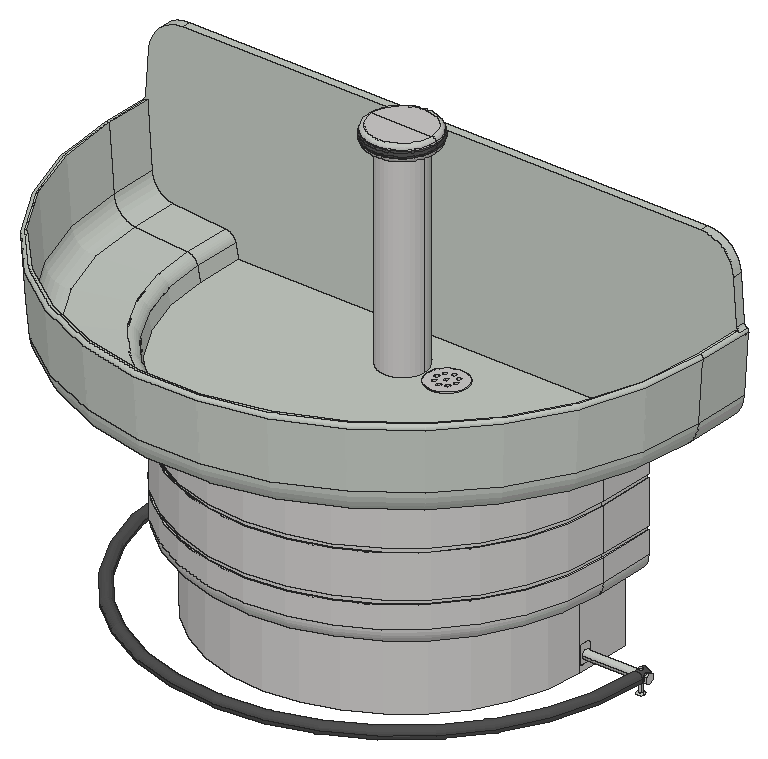
Revit family "Washfountain_Lavatory-Bradley_Corp-WF2504-Type_A_Drain", category Plumbing Fixtures, Revit 2012 (continued)
Automatic sketch dimensions
  curve 82 to curve 83 = 0.04402"
  curve 83 to curve 84 = 0.03127"
  curve 7 to curve 84 = 2.85471"
  curve 84 to curve 83 = 0.03127"
  curve 83 to curve 82 = 0.04402"
  curve 82 to curve 81 = 0.040"
  curve 81 to curve 79 = 0.27592"
  curve 80 to curve 79 = 0.000"
  curve 79 to curve 80 = 0.62595"
  curve 81 to curve 79 = 0.61449"
  curve 82 to curve 81 = 1.250"
  curve 83 to curve 82 = 1.24999"
  curve 84 to curve 83 = 1.25001"
  curve 12 to curve 51 = 3.59633"
  curve 51 to curve 12 = 14.89889"
  curve 50 to curve 51 = 0.000"
  curve 49 to curve 51 = 0.000"  (x2)
  curve 46 to curve 49 = 0.000"
  curve 47 to curve 46 = 0.000"
  curve 48 to curve 47 = 0.000"  (x2)
  curve 46 to curve 41 = 0.02732"
  curve 39 to curve 41 = 0.000"  (x2)
  curve 49 to curve 42 = 0.02732"
  curve 43 to curve 42 = 0.000"
  curve 44 to curve 43 = 0.000"  (x2)
  curve 40 to curve 39 = 0.000"  (x2)
  curve 39 to curve 45 = 2.01906"
  curve 38 to curve 45 = 0.000"
  curve 12 to curve 45 = 12.8525"
  curve 45 to curve 38 = 0.00049"
  curve 45 to curve 43 = 2.01906"
  curve 42 to curve 43 = 0.000"
  curve 45 to curve 41 = 2.01906"
  curve 41 to curve 47 = 0.02732"
  curve 46 to curve 47 = 0.000"
  curve 44 to curve 50 = 0.02732"
  curve 51 to curve 50 = 0.000"
  curve 49 to curve 51 = 0.14775"
  curve 44 to curve 49 = 0.63192"
  curve 43 to curve 44 = 0.18748"
  curve 42 to curve 43 = 0.18748"
  curve 47 to curve 42 = 1.9977"
  curve 48 to curve 47 = 0.14775"
  curve 46 to curve 48 = 0.14775"
  curve 41 to curve 46 = 1.5194"
  curve 40 to curve 41 = 0.18748"
  curve 39 to curve 40 = 0.18748"
  curve 45 to curve 39 = 0.9101"
  curve 38 to curve 45 = 2.64854"
  curve 51 to curve 50 = 0.14775"
  curve 11 to curve 65 = 3.000"
  curve 11 to curve 52 = 3.000"
  curve 64 to curve 65 = 0.000"
  curve 53 to curve 65 = 0.000"
  curve 63 to curve 65 = 0.000"
  curve 54 to curve 53 = 0.000"
  curve 62 to curve 52 = 0.000"
  curve 55 to curve 53 = 0.000"  (x2)
  curve 61 to curve 62 = 0.000"
  curve 56 to curve 64 = 0.000"
  curve 60 to curve 62 = 0.000"
  curve 57 to curve 56 = 0.000"
  curve 59 to curve 52 = 0.000"
  curve 58 to curve 56 = 0.000"  (x2)
  curve 11 to curve 59 = 17.94266"
  curve 52 to curve 59 = 0.000"
  curve 52 to curve 60 = 2.01784"
  curve 64 to curve 60 = 0.000"
  curve 61 to curve 60 = 0.000"
  curve 63 to curve 64 = 0.000"
  curve 62 to curve 60 = 0.000"
  curve 65 to curve 64 = 0.000"
  curve 61 to curve 54 = 0.02854"
  curve 64 to curve 57 = 0.02854"
  curve 53 to curve 54 = 0.000"
  curve 56 to curve 57 = 0.000"
  curve 59 to curve 11 = 12.49714"
  curve 59 to curve 52 = 2.64854"
  curve 52 to curve 60 = 0.9101"
  curve 60 to curve 62 = 0.18748"
  curve 62 to curve 61 = 0.18748"
  curve 61 to curve 53 = 1.5194"
  curve 53 to curve 55 = 0.14775"
  curve 55 to curve 54 = 0.14775"
  curve 54 to curve 63 = 1.9977"
  curve 63 to curve 65 = 0.18748"
  curve 65 to curve 64 = 0.18748"
  curve 64 to curve 56 = 0.63192"
  curve 56 to curve 58 = 0.14775"
  curve 58 to curve 57 = 0.14775"
  curve 2 to curve 66 = 3.000"
  curve 2 to curve 67 = 14.33954"
  curve 2 to curve 67 = 15.1158"
  curve 67 to curve 66 = 6.85903"
  curve 66 to curve 67 = 0.38104"
  curve 2 to curve 67 = 8.81355"
  curve 66 to curve 2 = 8.46682"
  curve 66 to curve 67 = 0.0327"
  Revolve 15 sketch curve to curve 5 = 0.000"
  curve 5 to Revolve 15 sketch curve = 1.000"
  curve 5 to Revolve 15 sketch curve = 0.89718"
  Revolve 15 sketch curve to curve 5 = 0.64632"
  Revolve 15 sketch curve to Revolve 15 sketch curve = 0.17678"
  Revolve 15 sketch curve to Revolve 15 sketch curve = 0.000"  (x4)
  Revolve 15 sketch curve to Revolve 15 sketch curve = 0.60355"
  Revolve 15 sketch curve to Revolve 15 sketch curve = 0.176"
  curve 5 to Revolve 15 sketch curve = 0.34072"
  Revolve 15 sketch curve to curve 5 = 1.44037"
  Revolve 15 sketch curve to Revolve 15 sketch curve = 0.01575"
  Revolve 15 sketch curve to Revolve 15 sketch curve = 0.074"
  Revolve 15 sketch curve to Revolve 15 sketch curve = 0.0755"
  Revolve 15 sketch curve to curve 5 = 2.78252"
  Revolve 15 sketch curve to Revolve 15 sketch curve = 1.50918"
  Revolve 15 sketch curve to curve 5 = 39.99275"
  Revolve 15 sketch curve to Revolve 15 sketch curve = 0.07322"
  Revolve 15 sketch curve to Revolve 15 sketch curve = 0.60277"
  Revolve 15 sketch curve to Revolve 15 sketch curve = 0.22469"
  Revolve 15 sketch curve to curve 5 = 1.16482"
  Revolve 16 sketch curve to curve 5 = 0.000"
  Revolve 16 sketch curve to Revolve 16 sketch curve = 0.000"
  curve 5 to Revolve 16 sketch curve = 1.000"
  Revolve 16 sketch curve to curve 5 = 0.74987"
  Revolve 16 sketch curve to Revolve 16 sketch curve = 0.8255"  (x2)
  Revolve 16 sketch curve to Revolve 16 sketch curve = 0.78649"
  Revolve 16 sketch curve to curve 5 = 1.13751"
  Masking region 13 sketch curve to curve 5 = 0.000"
  Masking region 13 sketch curve to curve 5 = 1.57537"
  Masking region 13 sketch curve to curve 5 = 0.74987"
  curve 5 to Masking region 13 sketch curve = 1.000"
  Masking region 13 sketch curve to curve 5 = 1.000"
  curve 5 to Masking region 13 sketch curve = 0.74987"
  curve 5 to Masking region 13 sketch curve = 1.57537"
  Masking region 13 sketch curve to Masking region 13 sketch curve = 0.8255"  (x2)
  Masking region 14 sketch curve to curve 5 = 0.000"
  Masking region 14 sketch curve to curve 5 = 1.57537"
  Masking region 14 sketch curve to Masking region 14 sketch curve = 0.0755"  (x2)
  Masking region 14 sketch curve to Masking region 14 sketch curve = 0.11925"
  Masking region 14 sketch curve to Masking region 14 sketch curve = 0.000"  (x7)
  Masking region 14 sketch curve to Masking region 14 sketch curve = 0.135"
  Masking region 14 sketch curve to Masking region 14 sketch curve = 0.074"
  Masking region 14 sketch curve to Masking region 14 sketch curve = 0.250"
  Masking region 14 sketch curve to curve 5 = 0.82309"
  Masking region 14 sketch curve to Masking region 14 sketch curve = 0.17678"  (x2)
  curve 5 to Masking region 14 sketch curve = 0.89718"
  curve 5 to Masking region 14 sketch curve = 1.000"
  curve 5 to Masking region 14 sketch curve = 2.78252"
  Masking region 14 sketch curve to Masking region 14 sketch curve = 0.43497"
  Masking region 14 sketch curve to curve 5 = 1.000"
  Masking region 14 sketch curve to curve 5 = 0.89718"
  curve 5 to Masking region 14 sketch curve = 0.64632"
  Masking region 14 sketch curve to Masking region 14 sketch curve = 0.60355"
  Masking region 14 sketch curve to Masking region 14 sketch curve = 0.176"
  curve 5 to Masking region 14 sketch curve = 0.34072"
  curve 5 to Masking region 14 sketch curve = 1.44037"
  Masking region 14 sketch curve to Masking region 14 sketch curve = 0.01575"
  Masking region 14 sketch curve to Masking region 14 sketch curve = 0.0595"
  Masking region 14 sketch curve to curve 5 = 39.99275"
  Masking region 14 sketch curve to Masking region 14 sketch curve = 0.07322"  (x2)
  Masking region 14 sketch curve to Masking region 14 sketch curve = 0.60277"  (x2)
  Masking region 14 sketch curve to Masking region 14 sketch curve = 0.3591"
  Masking region 14 sketch curve to Masking region 14 sketch curve = 0.22469"
  Masking region 14 sketch curve to Masking region 14 sketch curve = 0.13441"
  Masking region 15 sketch curve to curve 3 = 0.125"
  curve 3 to Masking region 15 sketch curve = 0.31036"
  Masking region 15 sketch curve to curve 3 = 0.00012"
  curve 3 to Masking region 15 sketch curve = 0.31985"
  Masking region 15 sketch curve to Masking region 15 sketch curve = 0.68964"
  Masking region 15 sketch curve to curve 3 = 1.000"
  Masking region 15 sketch curve to curve 3 = 0.31985"
  Masking region 15 sketch curve to curve 3 = 0.31036"
  curve 3 to Masking region 15 sketch curve = 0.125"
  Masking region 15 sketch curve to curve 3 = 0.94458"  (x2)
  Masking region 15 sketch curve to curve 3 = 0.44473"  (x2)
  Masking region 16 sketch curve to curve 3 = 0.12503"
  Masking region 16 sketch curve to curve 3 = 0.03514"
  Masking region 16 sketch curve to curve 3 = 0.035"
  Masking region 16 sketch curve to curve 3 = 0.0313"
  Masking region 16 sketch curve to curve 3 = 0.03126"
  curve 3 to Masking region 16 sketch curve = 0.310"
  Masking region 16 sketch curve to curve 3 = 0.00052"
  curve 3 to Masking region 16 sketch curve = 0.31012"
  Masking region 16 sketch curve to Masking region 16 sketch curve = 0.690"
  Masking region 16 sketch curve to curve 3 = 1.000"
  Masking region 16 sketch curve to curve 3 = 0.31103"
  Masking region 16 sketch curve to curve 3 = 0.30726"
  curve 3 to Masking region 16 sketch curve = 0.03111"
  curve 3 to Masking region 16 sketch curve = 0.03213"
  curve 3 to Masking region 16 sketch curve = 0.035"  (x2)
  Masking region 16 sketch curve to Masking region 16 sketch curve = 0.09419"
  Masking region 16 sketch curve to curve 3 = 0.94459"
  Masking region 16 sketch curve to curve 3 = 0.94426"
  Masking region 16 sketch curve to curve 3 = 0.53856"
  Masking region 16 sketch curve to curve 3 = 0.5384"
  curve 77 to curve 3 = 0.125"
  curve 72 to curve 3 = 0.125"
  curve 76 to curve 3 = 0.03521"
  curve 73 to curve 3 = 0.035"
  curve 3 to curve 78 = 1.000"
  curve 78 to curve 3 = 1.000"
  curve 3 to curve 75 = 0.035"
  curve 3 to curve 74 = 0.035"
  curve 73 to curve 74 = 0.090"
  curve 75 to curve 75 = 0.090"
  curve 78 to curve 3 = 1.38963"
  curve 77 to curve 3 = 0.94458"
  curve 74 to curve 3 = 0.44473"
  Masking region 17 sketch curve to curve 7 = 0.000"
  Masking region 17 sketch curve to curve 7 = 3.32412"
  Masking region 17 sketch curve to curve 7 = 2.85471"
  curve 7 to Masking region 17 sketch curve = 2.85471"
  curve 7 to Masking region 17 sketch curve = 3.32412"
  Masking region 18 sketch curve to curve 7 = 0.000"  (x3)
  Masking region 18 sketch curve to curve 7 = 14.27037"  (x2)
  Masking region 18 sketch curve to curve 7 = 0.11538"
  Masking region 18 sketch curve to curve 7 = 2.85471"
  Masking region 18 sketch curve to Masking region 18 sketch curve = 0.03127"  (x2)
  Masking region 18 sketch curve to Masking region 18 sketch curve = 0.04402"  (x2)
  Masking region 18 sketch curve to Masking region 18 sketch curve = 0.040"  (x4)
  Masking region 18 sketch curve to Masking region 18 sketch curve = 0.23592"
  curve 7 to Masking region 18 sketch curve = 0.11538"
  curve 7 to Masking region 18 sketch curve = 2.85471"
  curve 7 to Masking region 18 sketch curve = 0.37358"
  Masking region 18 sketch curve to Masking region 18 sketch curve = 0.63597"  (x2)
  Masking region 18 sketch curve to Masking region 18 sketch curve = 1.25001"  (x2)
  Masking region 18 sketch curve to Masking region 18 sketch curve = 1.24999"  (x2)
  Masking region 18 sketch curve to Masking region 18 sketch curve = 1.250"  (x2)
  Masking region 18 sketch curve to Masking region 18 sketch curve = 0.62595"  (x2)
  Masking region 19 sketch curve to curve 4 = 0.875"
  Masking region 19 sketch curve to curve 4 = 0.440"
  Masking region 19 sketch curve to curve 4 = 0.00012"
  Masking region 19 sketch curve to curve 4 = 0.43015"
  curve 4 to Masking region 19 sketch curve = 0.25001"
  Masking region 19 sketch curve to Masking region 19 sketch curve = 3.99991"
  Masking region 19 sketch curve to Masking region 19 sketch curve = 0.68002"
  Masking region 19 sketch curve to Masking region 19 sketch curve = 0.0002"
  Masking region 19 sketch curve to Masking region 19 sketch curve = 0.44505"  (x3)
  curve 4 to Masking region 19 sketch curve = 0.44473"  (x2)
  Masking region 20 sketch curve to plane 9 "Spray Head" = 0.000"
  Masking region 20 sketch curve to plane 9 "Spray Head" = 0.8509"
  plane 1 "Center (Front/Back)" to Masking region 20 sketch curve = 8.37501"
  Masking region 20 sketch curve to Masking region 20 sketch curve = 0.090"  (x2)
  Masking region 20 sketch curve to Masking region 20 sketch curve = 0.09375"  (x2)
  Masking region 20 sketch curve to Masking region 20 sketch curve = 0.00375"  (x3)
  Masking region 20 sketch curve to Masking region 20 sketch curve = 0.345"  (x2)
  Masking region 20 sketch curve to Masking region 20 sketch curve = 0.690"  (x3)
  plane 1 "Center (Front/Back)" to Masking region 20 sketch curve = 3.25001"
  Masking region 20 sketch curve to Masking region 20 sketch curve = 0.34125"
  Masking region 20 sketch curve to Masking region 20 sketch curve = 0.000"
  Masking region 20 sketch curve to Masking region 20 sketch curve = 0.10005"
  Masking region 20 sketch curve to Masking region 20 sketch curve = 0.1934"  (x2)
  curve 90 to curve 4 = 0.875"
  curve 85 to curve 90 = 0.000"
  curve 85 to curve 86 = 0.090"
  curve 90 to curve 90 = 0.09001"
  curve 4 to curve 91 = 0.25001"
  curve 4 to curve 91 = 1.38963"
  curve 91 to curve 91 = 4.000"
  curve 91 to curve 88 = 1.03499"
  curve 88 to curve 87 = 0.00001"
  curve 86 to curve 87 = 0.08999"
  curve 88 to curve 88 = 0.090"
  curve 90 to curve 4 = 0.94458"
  curve 4 to curve 87 = 0.44473"
  Masking region 21 sketch curve to plane 8 "Sensor Module" = 0.000"
  plane 9 "Spray Head" to Masking region 21 sketch curve = 1.81112"
  plane 1 "Center (Front/Back)" to Masking region 21 sketch curve = 9.82537"
  Masking region 21 sketch curve to Masking region 21 sketch curve = 0.8255"  (x2)
  Masking region 21 sketch curve to Masking region 21 sketch curve = 1.74995"
  plane 1 "Center (Front/Back)" to Masking region 21 sketch curve = 3.25001"
  plane 1 "Center (Front/Back)" to Masking region 21 sketch curve = 1.50013"
  plane 1 "Center (Front/Back)" to Masking region 21 sketch curve = 0.67463"
  Masking region 22 sketch curve to curve 6 = 0.000"
  curve 6 to Masking region 22 sketch curve = 0.56541"
  Masking region 22 sketch curve to curve 6 = 2.32535"
  Masking region 22 sketch curve to Masking region 22 sketch curve = 0.0755"  (x2)
  Masking region 22 sketch curve to Masking region 22 sketch curve = 0.11925"
  Masking region 22 sketch curve to Masking region 22 sketch curve = 0.000"  (x7)
  Masking region 22 sketch curve to Masking region 22 sketch curve = 0.135"
  Masking region 22 sketch curve to Masking region 22 sketch curve = 0.074"
  Masking region 22 sketch curve to Masking region 22 sketch curve = 0.250"
  Masking region 22 sketch curve to Masking region 22 sketch curve = 0.60277"  (x2)
  Masking region 22 sketch curve to Masking region 22 sketch curve = 0.17678"  (x2)
  curve 6 to Masking region 22 sketch curve = 0.14719"
  curve 6 to Masking region 22 sketch curve = 0.25001"
  curve 6 to Masking region 22 sketch curve = 2.03244"
  Masking region 22 sketch curve to Masking region 22 sketch curve = 0.43506"
  Masking region 22 sketch curve to Masking region 22 sketch curve = 3.99991"
  Masking region 22 sketch curve to Masking region 22 sketch curve = 0.10282"
  Masking region 22 sketch curve to Masking region 22 sketch curve = 1.64632"
  curve 6 to Masking region 22 sketch curve = 2.76716"
  Masking region 22 sketch curve to Masking region 22 sketch curve = 0.60355"
  curve 6 to Masking region 22 sketch curve = 2.16439"
  Masking region 22 sketch curve to Masking region 22 sketch curve = 0.176"
  curve 6 to Masking region 22 sketch curve = 0.34072"
  Masking region 22 sketch curve to Masking region 22 sketch curve = 0.1905"
  Masking region 22 sketch curve to Masking region 22 sketch curve = 0.01575"
  Masking region 22 sketch curve to Masking region 22 sketch curve = 0.0595"
  Masking region 22 sketch curve to curve 6 = 39.99275"
  Masking region 22 sketch curve to Masking region 22 sketch curve = 0.07322"
  Masking region 22 sketch curve to Masking region 22 sketch curve = 0.22469"
  Masking region 22 sketch curve to Masking region 22 sketch curve = 0.13441"
  curve 93 to curve 6 = 2.32537"
  curve 6 to curve 92 = 0.56541"
  curve 93 to curve 92 = 0.07551"
  curve 6 to curve 94 = 0.25001"
  curve 94 to curve 94 = 3.99999"
  curve 94 to curve 92 = 2.50014"
  curve 92 to curve 93 = 0.07522"
  curve 93 to curve 92 = 1.44948"
  curve 94 to curve 93 = 0.8255"
  Masking region 23 sketch curve to curve 8 = 0.000"  (x2)
  Masking region 23 sketch curve to curve 8 = 6.000"
  curve 8 to Masking region 23 sketch curve = 8.10471"
  Masking region 23 sketch curve to Masking region 23 sketch curve = 0.46941"
  Masking region 24 sketch curve to curve 8 = 0.000"  (x2)
  Masking region 24 sketch curve to curve 8 = 6.000"
  curve 8 to Masking region 24 sketch curve = 5.250"
  Masking region 24 sketch curve to Masking region 24 sketch curve = 5.36538"
  Masking region 24 sketch curve to Masking region 24 sketch curve = 2.73934"
  Masking region 24 sketch curve to Masking region 24 sketch curve = 0.03127"
  Masking region 24 sketch curve to Masking region 24 sketch curve = 0.04402"
  Masking region 24 sketch curve to Masking region 24 sketch curve = 0.040"  (x2)
  Masking region 24 sketch curve to Masking region 24 sketch curve = 0.23592"
  Masking region 24 sketch curve to curve 8 = 14.27037"
  Masking region 24 sketch curve to Masking region 24 sketch curve = 0.63597"
  Masking region 24 sketch curve to Masking region 24 sketch curve = 1.25001"
  Masking region 24 sketch curve to Masking region 24 sketch curve = 1.24999"
  Masking region 24 sketch curve to Masking region 24 sketch curve = 1.250"
  Masking region 24 sketch curve to Masking region 24 sketch curve = 0.62595"
  curve 100 to curve 8 = 0.000"
  curve 95 to curve 8 = 0.000"
  curve 98 to curve 8 = 0.000"
  curve 96 to curve 8 = 0.000"
  curve 99 to curve 8 = 0.000"
  curve 97 to curve 8 = 0.000"
  curve 100 to curve 8 = 5.36403"
  curve 99 to curve 8 = 4.11402"
  curve 98 to curve 8 = 2.86403"
  curve 97 to curve 8 = 1.61403"
  curve 96 to curve 8 = 0.99953"
  curve 95 to curve 8 = 0.37358"
  curve 8 to curve 100 = 8.10471"
  curve 100 to curve 99 = 0.03127"
  curve 99 to curve 98 = 0.04402"
  curve 98 to curve 97 = 0.040"
  curve 97 to curve 95 = 0.27592"
  curve 96 to curve 95 = 0.000"
  plane 1 "Center (Front/Back)" to curve 150 = 2.90484"
  plane 3 "Center (Left/Right)" to curve 150 = 6.97827"
  plane 1 "Center (Front/Back)" to curve 158 = 2.04766"
  curve 150 to curve 158 = 1.52569"
  plane 3 "Center (Left/Right)" to curve 150 = 1.59028"
  plane 3 "Center (Left/Right)" to curve 158 = 0.06458"
  curve 157 to plane 3 "Center (Left/Right)" = 0.06458"
  curve 149 to plane 3 "Center (Left/Right)" = 1.59028"
  plane 1 "Center (Front/Back)" to curve 157 = 2.04766"
  curve 157 to plane 3 "Center (Left/Right)" = 5.45258"
  plane 1 "Center (Front/Back)" to curve 149 = 2.90484"
  curve 157 to curve 149 = 1.52569"
  curve 157 to curve 157 = 9.59007"
  curve 158 to curve 157 = 0.000"
  curve 158 to curve 150 = 0.85718"
  curve 157 to curve 149 = 0.85718"
  Extrusion 17 sketch curve to plane 6 "Towel Dispenser" = 0.000"
  plane 6 "Towel Dispenser" to Extrusion 17 sketch curve = 1.37502"
  Extrusion 17 sketch curve to Extrusion 17 sketch curve = 2.250"
  Extrusion 17 sketch curve to Extrusion 17 sketch curve = 4.000"
  Extrusion 18 sketch curve to plane 6 "Towel Dispenser" = 0.000"
  plane 6 "Towel Dispenser" to Extrusion 18 sketch curve = 1.37502"
  Extrusion 18 sketch curve to Extrusion 18 sketch curve = 2.250"
  Extrusion 18 sketch curve to Extrusion 18 sketch curve = 4.000"
  Split face 1 sketch curve to Extrusion 17 = 0.56845"
  Split face 1 sketch curve to Split face 1 sketch curve = 0.750"
  Split face 1 sketch curve to Extrusion 17 = 1.500"  (x2)
  Extrusion 18 to Split face 2 sketch curve = 0.56845"
  Split face 2 sketch curve to Split face 2 sketch curve = 0.750"
  Split face 2 sketch curve to Extrusion 18 = 1.500"  (x2)
  curve 106 to Extrusion 18 = 0.000"  (x3)
  Extrusion 18 to curve 141 = 2.60156"
  curve 141 to curve 141 = 1.000"
  Extrusion 18 to curve 141 = 1.95703"
  curve 107 to Extrusion 17 = 0.000"  (x3)
  curve 140 to Extrusion 17 = 2.60156"
  curve 140 to curve 140 = 1.000"
  Extrusion 17 to curve 140 = 1.95703"
  Masking region 25 sketch curve to curve 9 = 0.000"  (x2)
  Masking region 25 sketch curve to curve 9 = 1.37502"  (x2)
  Masking region 25 sketch curve to curve 9 = 5.93988"
  Masking region 25 sketch curve to Masking region 25 sketch curve = 1.96161"  (x2)
  Masking region 25 sketch curve to curve 9 = 2.45258"
  curve 9 to Masking region 25 sketch curve = 1.000"
  Masking region 25 sketch curve to curve 9 = 1.000"
  curve 9 to Masking region 25 sketch curve = 2.45258"
  curve 9 to Masking region 25 sketch curve = 3.97827"
  Masking region 25 sketch curve to Masking region 25 sketch curve = 0.68733"  (x2)
  curve 134 to curve 10 = 0.000"
  curve 130 to curve 10 = 0.95234"
  curve 134 to curve 10 = 0.09516"
  curve 10 to curve 131 = 1.00693"
  curve 138 to curve 10 = 0.29642"
  curve 132 to curve 138 = 0.44323"
  curve 138 to curve 138 = 0.31346"  (x2)
  curve 138 to curve 138 = 0.40504"
  curve 10 to curve 144 = 2.71312"
  curve 130 to curve 139 = 4.79504"
  curve 136 to curve 10 = 0.47244"
  curve 139 to curve 136 = 2.21775"
  curve 136 to curve 136 = 0.40504"
  curve 136 to curve 136 = 0.31346"  (x2)
  curve 139 to curve 131 = 4.79504"
  curve 133 to curve 10 = 1.37502"
  curve 10 to curve 144 = 3.97659"
  curve 144 to curve 144 = 1.000"
  curve 10 to curve 139 = 13.12502"
  curve 10 to curve 131 = 14.62567"
  curve 10 to curve 130 = 15.313"
  Masking region 27 sketch curve to plane 5 "Right" = 0.000"
  Masking region 27 sketch curve to plane 3 "Center (Left/Right)" = 0.000"
  Masking region 27 sketch curve to plane 1 "Center (Front/Back)" = 0.000"
  Masking region 27 sketch curve to Masking region 27 sketch curve = 0.00001"
  plane 1 "Center (Front/Back)" to Masking region 27 sketch curve = 5.09016"
  Masking region 27 sketch curve to Masking region 27 sketch curve = 0.000"
  Masking region 28 sketch curve to plane 3 "Center (Left/Right)" = 0.000"
  plane 3 "Center (Left/Right)" to Masking region 28 sketch curve = 0.06458"
  plane 3 "Center (Left/Right)" to Masking region 28 sketch curve = 3.55188"
  plane 1 "Center (Front/Back)" to Masking region 28 sketch curve = 2.04766"
  plane 3 "Center (Left/Right)" to Masking region 28 sketch curve = 5.45258"
  plane 1 "Center (Front/Back)" to Masking region 28 sketch curve = 4.00693"  (x2)
  Masking region 28 sketch curve to Masking region 28 sketch curve = 3.4873"
  Masking region 28 sketch curve to plane 3 "Center (Left/Right)" = 0.06458"
  Masking region 28 sketch curve to plane 3 "Center (Left/Right)" = 3.55188"
  Masking region 28 sketch curve to plane 3 "Center (Left/Right)" = 5.45258"
  plane 1 "Center (Front/Back)" to Masking region 28 sketch curve = 5.250"
  Masking region 29 sketch curve to plane 3 "Center (Left/Right)" = 0.000"
  Masking region 29 sketch curve to Masking region 29 sketch curve = 6.32412"
  plane 1 "Center (Front/Back)" to Masking region 29 sketch curve = 3.000"
  Masking region 29 sketch curve to Masking region 29 sketch curve = 2.250"
  curve 152 to plane 3 "Center (Left/Right)" = 0.000"
  plane 3 "Center (Left/Right)" to curve 153 = 5.85471"
  plane 1 "Center (Front/Back)" to curve 153 = 3.000"
  plane 1 "Center (Front/Back)" to curve 151 = 3.000"
  curve 153 to curve 152 = 2.250"
  curve 154 to plane 3 "Center (Left/Right)" = 0.000"
  plane 1 "Center (Front/Back)" to curve 154 = 5.250"
  Masking region 30 sketch curve to plane 3 "Center (Left/Right)" = 0.000"
  plane 1 "Center (Front/Back)" to Masking region 30 sketch curve = 5.250"
  Masking region 31 sketch curve to plane 3 "Center (Left/Right)" = 0.000"
  plane 1 "Center (Front/Back)" to Masking region 31 sketch curve = 5.250"
  curve 155 to plane 3 "Center (Left/Right)" = 0.000"
  plane 1 "Center (Front/Back)" to curve 155 = 5.250"
  Extrusion 19 sketch curve to plane 3 "Center (Left/Right)" = 0.000"
  plane 1 "Center (Front/Back)" to Extrusion 19 sketch curve = 5.250"
  Extrusion 20 sketch curve to plane 3 "Center (Left/Right)" = 0.000"
  plane 1 "Center (Front/Back)" to Extrusion 20 sketch curve = 5.250"
  curve 7 to Masking region 33 sketch curve = 1.000"
  Masking region 33 sketch curve to curve 7 = 1.000"
  Masking region 33 sketch curve to curve 7 = 8.500"
  Masking region 34 sketch curve to plane 8 "Sensor Module" = 3.500"
  plane 1 "Center (Front/Back)" to Masking region 34 sketch curve = 7.250"
  plane 1 "Center (Front/Back)" to Masking region 34 sketch curve = 3.25001"
  Extrusion 21 sketch curve to plane 3 "Center (Left/Right)" = 0.000"
  plane 3 "Center (Left/Right)" to Extrusion 21 sketch curve = 0.06458"
  plane 1 "Center (Front/Back)" to Extrusion 21 sketch curve = 2.04766"
  plane 3 "Center (Left/Right)" to Extrusion 21 sketch curve = 5.45258"
  Extrusion 21 sketch curve to plane 3 "Center (Left/Right)" = 0.06458"
  Extrusion 21 sketch curve to plane 3 "Center (Left/Right)" = 5.45258"
  plane 1 "Center (Front/Back)" to Extrusion 21 sketch curve = 5.250"
  Extrusion 21 sketch curve to Extrusion 21 sketch curve = 6.38773"
  Extrusion 22 sketch curve to Extrusion 22 sketch curve = 0.000"  (x2)
  Extrusion 22 sketch curve to plane 3 "Center (Left/Right)" = 0.000"
  plane 3 "Center (Left/Right)" to Extrusion 22 sketch curve = 0.06458"
  Extrusion 22 sketch curve to Extrusion 22 sketch curve = 2.000"
  plane 1 "Center (Front/Back)" to Extrusion 22 sketch curve = 2.04766"
  Extrusion 22 sketch curve to Extrusion 22 sketch curve = 3.45258"  (x2)
  Extrusion 22 sketch curve to plane 3 "Center (Left/Right)" = 0.06458"
  plane 1 "Center (Front/Back)" to Extrusion 22 sketch curve = 5.250"
  Extrusion 22 sketch curve to Extrusion 22 sketch curve = 6.38773"
  curve 160 to curve 159 = 0.000"
  curve 168 to curve 159 = 0.000"
  curve 169 to curve 159 = 0.000"
  curve 161 to curve 159 = 0.000"
  curve 160 to curve 159 = 3.45258"
  curve 159 to curve 166 = 0.000"
  curve 159 to curve 168 = 0.000"
  curve 167 to curve 159 = 0.000"
  curve 169 to curve 167 = 0.000"
  curve 159 to curve 161 = 3.45258"
  curve 159 to curve 169 = 1.0786"
  curve 165 to curve 164 = 0.500"
  curve 159 to curve 166 = 14.12567"
  curve 163 to curve 162 = 0.500"
  curve 162 to curve 160 = 0.68733"
  curve 162 to curve 161 = 0.68733"
  Extrusion 23 sketch curve to plane 1 "Center (Front/Back)" = 0.000"
  Extrusion 23 sketch curve to plane 3 "Center (Left/Right)" = 0.000"
  Extrusion 23 sketch curve to Extrusion 23 sketch curve = 2.00008"
  Extrusion 23 sketch curve to Extrusion 23 sketch curve = 0.000"  (x3)
  Extrusion 23 sketch curve to plane 3 "Center (Left/Right)" = 2.00008"
  plane 1 "Center (Front/Back)" to Extrusion 23 sketch curve = 5.09016"
  Extrusion 24 sketch curve to plane 1 "Center (Front/Back)" = 0.000"
  Extrusion 24 sketch curve to plane 3 "Center (Left/Right)" = 0.000"
  Extrusion 24 sketch curve to Extrusion 24 sketch curve = 2.000"
  plane 1 "Center (Front/Back)" to Extrusion 24 sketch curve = 5.09016"
  Sweep 25 sketch curve to profile plane = 0.000"
  profile plane to Sweep 25 sketch curve = 1.425"
  level to Extrusion 26 sketch curve = 1.425"
  plane 1 "Center (Front/Back)" to Extrusion 26 sketch curve = 4.625"
  level to Extrusion 27 sketch curve = 1.425"
  plane 1 "Center (Front/Back)" to Extrusion 27 sketch curve = 4.625"
  plane 4 "Left" to Extrusion 28 sketch curve = 5.99951"
  plane 1 "Center (Front/Back)" to Extrusion 28 sketch curve = 4.625"
  plane 5 "Right" to Extrusion 29 sketch curve = 5.99951"
  Extrusion 29 sketch curve to plane 1 "Center (Front/Back)" = 4.625"
  Blend 30 sketch curve to Blend 30 sketch curve = 0.000"  (x2)
  plane 4 "Left" to Blend 30 sketch curve = 5.88251"
  Blend 30 sketch curve to Blend 30 sketch curve = 0.117"
  plane 1 "Center (Front/Back)" to Blend 30 sketch curve = 4.625"  (x2)
  plane 4 "Left" to Blend 30 sketch curve = 5.99951"
  Blend 31 sketch curve to Blend 31 sketch curve = 0.000"  (x2)
  plane 5 "Right" to Blend 31 sketch curve = 5.88251"
  Blend 31 sketch curve to Blend 31 sketch curve = 0.117"
  Blend 31 sketch curve to plane 1 "Center (Front/Back)" = 4.625"  (x2)
  plane 5 "Right" to Blend 31 sketch curve = 5.99951"
  level to Extrusion 32 sketch curve = 1.64221"
  plane 1 "Center (Front/Back)" to Extrusion 32 sketch curve = 4.99598"
  level to Extrusion 32 sketch curve = 0.99875"
  Extrusion 32 sketch curve to Extrusion 32 sketch curve = 0.3715"  (x3)
  level to Extrusion 32 sketch curve = 1.85669"
  Extrusion 32 sketch curve to Extrusion 32 sketch curve = 0.21449"
  Extrusion 32 sketch curve to Extrusion 32 sketch curve = 0.42896"
  Extrusion 32 sketch curve to Extrusion 32 sketch curve = 0.21448"
  level to Extrusion 33 sketch curve = 1.64221"
  plane 1 "Center (Front/Back)" to Extrusion 33 sketch curve = 4.99598"
  level to Extrusion 33 sketch curve = 0.99875"
  Extrusion 33 sketch curve to Extrusion 33 sketch curve = 0.3715"  (x3)
  level to Extrusion 33 sketch curve = 1.85669"
  Extrusion 33 sketch curve to Extrusion 33 sketch curve = 0.21448"
  Extrusion 33 sketch curve to Extrusion 33 sketch curve = 0.42896"
  Extrusion 33 sketch curve to Extrusion 33 sketch curve = 0.21449"
  level to Extrusion 34 sketch curve = 2.04222"
  plane 1 "Center (Front/Back)" to Extrusion 34 sketch curve = 5.12723"
  Extrusion 34 sketch curve to Extrusion 34 sketch curve = 0.250"  (x3)
  Extrusion 34 sketch curve to Extrusion 34 sketch curve = 0.500"  (x2)
  level to Extrusion 34 sketch curve = 0.91722"
  level to Extrusion 35 sketch curve = 2.04222"
  plane 1 "Center (Front/Back)" to Extrusion 35 sketch curve = 5.12723"
  Extrusion 35 sketch curve to Extrusion 35 sketch curve = 0.250"  (x3)
  Extrusion 35 sketch curve to Extrusion 35 sketch curve = 0.500"  (x2)
  level to Extrusion 35 sketch curve = 0.91722"
  level to Masking region 36 sketch curve = 1.425"
  plane 4 "Left" to Masking region 36 sketch curve = 5.99951"
  level to Masking region 36 sketch curve = 1.925"
  Masking region 36 sketch curve to plane 5 "Right" = 5.99951"
  Masking region 37 sketch curve to Masking region 37 sketch curve = 0.000"  (x12)
  Masking region 37 sketch curve to level = 0.000"  (x2)
  level to Masking region 37 sketch curve = 1.85669"
  plane 4 "Left" to Masking region 37 sketch curve = 5.19973"
  Masking region 37 sketch curve to Masking region 37 sketch curve = 0.26571"  (x3)
  Masking region 37 sketch curve to Masking region 37 sketch curve = 0.19887"  (x4)
  Masking region 37 sketch curve to Masking region 37 sketch curve = 0.20907"
  Masking region 37 sketch curve to Masking region 37 sketch curve = 0.2182"  (x4)
  Masking region 37 sketch curve to Masking region 37 sketch curve = 0.117"  (x5)
  Masking region 37 sketch curve to Masking region 37 sketch curve = 0.208"  (x4)
  level to Masking region 37 sketch curve = 0.66722"  (x2)
  Masking region 37 sketch curve to Masking region 37 sketch curve = 4.69749"  (x2)
  Masking region 37 sketch curve to Masking region 37 sketch curve = 0.1255"  (x2)
  Masking region 37 sketch curve to plane 5 "Right" = 11.1475"
  Masking region 37 sketch curve to Masking region 37 sketch curve = 0.234"
  level to Masking region 37 sketch curve = 0.12175"  (x4)
  Masking region 37 sketch curve to Masking region 37 sketch curve = 0.80325"  (x2)
  Masking region 37 sketch curve to Masking region 37 sketch curve = 0.01388"  (x2)
  Masking region 37 sketch curve to Masking region 37 sketch curve = 0.05987"  (x2)
  Masking region 37 sketch curve to Masking region 37 sketch curve = 0.05525"  (x2)
  Masking region 37 sketch curve to Masking region 37 sketch curve = 0.06069"
  Masking region 37 sketch curve to Masking region 37 sketch curve = 0.11512"  (x2)
  Masking region 37 sketch curve to Masking region 37 sketch curve = 0.09802"  (x2)
  Masking region 37 sketch curve to Masking region 37 sketch curve = 1.625"  (x2)
  curve 1 to plane 1 "Center (Front/Back)" = 0.000"
  curve 191 to plane 13 = 0.000"
  curve 2 to plane 3 "Center (Left/Right)" = 0.000"
  plane 3 "Center (Left/Right)" to curve 191 = 3.000"
  plane 3 "Center (Left/Right)" to curve 1 = 3.000"
  curve 191 to plane 3 "Center (Left/Right)" = 3.000"
  curve 1 to plane 3 "Center (Left/Right)" = 3.000"
  curve 2 to plane 1 "Center (Front/Back)" = 3.000"
  plane 1 "Center (Front/Back)" to curve 2 = 3.000"
  curve 1 to curve 102 = 23.76758"
  curve 68 to curve 191 = 16.4921"
  curve 191 to curve 68 = 3.000"
  curve 191 to curve 68 = 8.43458"
  curve 191 to curve 68 = 16.4921"
  curve 191 to curve 68 = 257.83753"
  Masking region 38 sketch curve to plane 13 = 6.14764"
  plane 1 "Center (Front/Back)" to Masking region 38 sketch curve = 4.125"
  level to Masking region 38 sketch curve = 0.925"
  Masking region 38 sketch curve to Masking region 38 sketch curve = 0.500"
  Masking region 39 sketch curve to level = 0.000"
  level to Masking region 39 sketch curve = 1.21324"
  plane 1 "Center (Front/Back)" to Masking region 39 sketch curve = 4.99598"
  Masking region 39 sketch curve to Masking region 39 sketch curve = 0.0458"
  Masking region 39 sketch curve to Masking region 39 sketch curve = 0.25398"  (x2)
  level to Masking region 39 sketch curve = 1.00011"
  Masking region 39 sketch curve to Masking region 39 sketch curve = 0.11519"
  level to Masking region 39 sketch curve = 1.85669"
  Masking region 39 sketch curve to Masking region 39 sketch curve = 0.11752"
  Masking region 39 sketch curve to Masking region 39 sketch curve = 0.11648"
  level to Masking region 39 sketch curve = 1.21579"
  Masking region 39 sketch curve to Masking region 39 sketch curve = 0.25475"
  level to Masking region 39 sketch curve = 0.12175"  (x2)
  Masking region 39 sketch curve to Masking region 39 sketch curve = 0.07511"
  Masking region 39 sketch curve to Masking region 39 sketch curve = 0.42896"
  Masking region 39 sketch curve to Masking region 39 sketch curve = 0.42658"
  Masking region 39 sketch curve to Masking region 39 sketch curve = 0.06831"
  Masking region 39 sketch curve to Masking region 39 sketch curve = 0.09802"
  Masking region 39 sketch curve to Masking region 39 sketch curve = 0.234"
  Masking region 39 sketch curve to Masking region 39 sketch curve = 0.20818"
  Masking region 35 sketch curve to curve 159 = 0.000"  (x2)
  curve 159 to Masking region 35 sketch curve = 14.62567"
  curve 159 to Masking region 35 sketch curve = 16.313"
  curve 170 to curve 129 = 0.000"
  curve 111 to curve 129 = 5.93988"
  curve 145 to curve 129 = 1.37502"
  curve 145 to curve 129 = 5.93988"
  curve 127 to curve 118 = 1.05362"
  curve 118 to curve 117 = 0.10398"
  curve 117 to curve 118 = 0.55793"
  curve 119 to curve 129 = 0.29642"
  curve 118 to curve 119 = 0.55793"
  curve 119 to curve 127 = 0.42054"
  curve 143 to curve 129 = 1.51047"
  curve 120 to curve 112 = 0.31186"
  curve 120 to curve 129 = 0.30581"
  curve 129 to curve 119 = 0.25213"
  curve 120 to curve 120 = 0.10398"
  curve 120 to curve 170 = 0.64389"
  curve 170 to curve 116 = 0.40972"
  curve 129 to curve 110 = 2.93542"
  curve 110 to curve 126 = 0.12917"
  curve 115 to curve 129 = 1.40972"
  curve 115 to curve 170 = 0.40972"
  curve 123 to curve 129 = 0.25213"
  curve 129 to curve 124 = 0.30581"
  curve 129 to curve 113 = 0.55188"
  curve 128 to curve 121 = 0.31186"
  curve 124 to curve 124 = 0.10398"
  curve 124 to curve 128 = 2.27816"
  curve 122 to curve 129 = 0.33485"
  curve 128 to curve 122 = 0.31655"
  curve 122 to curve 123 = 0.10398"
  curve 122 to curve 122 = 0.55793"
  curve 122 to curve 121 = 0.55793"
  curve 142 to curve 114 = 0.95859"
  curve 128 to curve 108 = 2.694"
  curve 123 to curve 129 = 0.29642"
  curve 120 to curve 120 = 0.03843"
  curve 121 to curve 115 = 0.29642"
  curve 114 to curve 142 = 2.60156"
  curve 129 to curve 143 = 3.97659"
  curve 142 to curve 142 = 1.000"
  curve 143 to curve 143 = 1.000"
  curve 129 to curve 127 = 13.12502"
  curve 129 to curve 128 = 13.12502"
  curve 129 to curve 110 = 14.62567"
  curve 128 to curve 108 = 1.50065"
  curve 129 to curve 125 = 15.313"
  curve 126 to curve 110 = 0.000"
  Masking region 32 sketch curve to plane 7 "Soap Dispenser" = 8.500"
  Masking region 32 sketch curve to Masking region 32 sketch curve = 4.000"
  plane 1 "Center (Front/Back)" to Masking region 32 sketch curve = 7.250"
  Masking region 26 sketch curve to curve 10 = 0.000"
  Masking region 26 sketch curve to curve 10 = 0.95234"
  curve 10 to Masking region 26 sketch curve = 0.250"
  Masking region 26 sketch curve to Masking region 26 sketch curve = 4.000"
  Masking region 26 sketch curve to Masking region 26 sketch curve = 4.38773"
  curve 10 to Masking region 26 sketch curve = 9.49491"
  Masking region 26 sketch curve to Masking region 26 sketch curve = 1.95927"
  Masking region 26 sketch curve to curve 10 = 1.37502"
  curve 10 to Masking region 26 sketch curve = 14.62567"
  curve 10 to Masking region 26 sketch curve = 16.313"
  Masking region 26 sketch curve to Masking region 26 sketch curve = 0.68733"
  plane 3 "Center (Left/Right)" to Extrusion 36 sketch curve = 4.000"
  plane 1 "Center (Front/Back)" to Extrusion 36 sketch curve = 5.250"
  Extrusion 37 sketch curve to Extrusion 37 sketch curve = 0.000"  (x6)
  plane 1 "Center (Front/Back)" to Extrusion 37 sketch curve = 5.250"
  Extrusion 37 sketch curve to plane 5 "Right" = 21.250"
  Extrusion 37 sketch curve to Extrusion 37 sketch curve = 0.87229"
  Extrusion 37 sketch curve to Extrusion 37 sketch curve = 0.25708"  (x5)
  Extrusion 37 sketch curve to Extrusion 37 sketch curve = 0.62063"  (x11)
  curve 15 to curve 147 = 0.000"  (x2)
  curve 15 to curve 205 = 0.000"  (x2)
  curve 208 to curve 209 = 0.000"  (x2)
  curve 16 to plane 1 "Center (Front/Back)" = 0.000"
  curve 14 to plane 1 "Center (Front/Back)" = 0.000"
  curve 147 to plane 5 "Right" = 8.99951"
  curve 206 to plane 5 "Right" = 0.49951"
  curve 16 to plane 5 "Right" = 0.02351"
  curve 156 to plane 5 "Right" = 0.00001"
  plane 4 "Left" to curve 156 = 0.00001"
  plane 1 "Center (Front/Back)" to curve 204 = 0.8003"
  curve 209 to curve 210 = 0.000"  (x2)
  plane 3 "Center (Left/Right)" to curve 213 = 4.87771"
  curve 213 to curve 214 = 0.25708"
  curve 213 to curve 212 = 0.25708"
  curve 214 to curve 215 = 0.62063"
  curve 209 to curve 215 = 0.000"
  curve 212 to curve 211 = 0.62063"
  curve 215 to curve 216 = 0.62063"
  curve 211 to curve 218 = 0.62063"
  curve 218 to curve 217 = 0.25708"
  plane 1 "Center (Front/Back)" to curve 211 = 4.37229"
  curve 211 to curve 218 = 0.25708"
  curve 211 to curve 212 = 0.25708"
  curve 148 to curve 147 = 4.28985"
  curve 218 to curve 209 = 0.62063"
  curve 212 to curve 213 = 0.62063"
  curve 218 to curve 217 = 0.62063"
  curve 213 to curve 214 = 0.62063"
  curve 217 to curve 216 = 0.62063"
  curve 216 to curve 215 = 0.25708"
  curve 181 to curve 182 = 0.000"
  curve 182 to curve 182 = 0.26571"
  level to curve 183 = 0.12175"
  curve 180 to curve 183 = 0.41707"
  curve 182 to curve 179 = 0.51608"
  curve 179 to curve 179 = 0.13499"  (x2)
  curve 183 to curve 183 = 0.234"
  curve 179 to curve 178 = 0.22637"
  curve 179 to curve 177 = 0.22637"
  level to curve 178 = 1.054"
  curve 178 to curve 178 = 4.67912"
  curve 177 to curve 178 = 0.000"
  level to curve 184 = 1.796"
  curve 184 to plane 5 "Right" = 11.022"
  curve 185 to curve 184 = 0.000"
  level to curve 185 = 1.054"
  curve 185 to curve 185 = 4.67912"
  curve 184 to curve 185 = 0.000"
  level to curve 190 = 0.12175"
  curve 185 to curve 190 = 0.22637"
  curve 184 to curve 186 = 0.22637"
  curve 185 to curve 186 = 0.22637"
  curve 186 to curve 186 = 0.13499"
  curve 190 to curve 190 = 0.234"
  curve 186 to curve 189 = 0.51608"
  curve 189 to curve 189 = 0.26571"
  curve 188 to curve 188 = 0.26571"
  curve 179 to curve 178 = 0.129"
  curve 180 to curve 179 = 0.371"
  curve 187 to curve 186 = 0.371"
  curve 187 to curve 189 = 0.15924"
  curve 180 to curve 182 = 0.15924"
  curve 182 to curve 181 = 0.42897"
  curve 189 to curve 188 = 0.42897"
  curve 188 to curve 187 = 0.15379"
  curve 181 to curve 180 = 0.15379"
  plane 4 "Left" to curve 178 = 11.022"
  Split face 3 sketch curve to cut or joined group of Revolve 7, Extrusion 14 = 0.000"  (x3)
  Revolve 41 sketch curve to curve 7 = 0.000"
  Revolve 41 sketch curve to Revolve 41 sketch curve = 0.000"
  Revolve 41 sketch curve to curve 7 = 3.24592"
  Revolve 41 sketch curve to Revolve 41 sketch curve = 0.0782"
  Revolve 41 sketch curve to Revolve 41 sketch curve = 2.30429"
  Revolve 41 sketch curve to curve 7 = 2.44617"
  curve 7 to Extrusion 42 sketch curve = 3.24592"
  Extrusion 42 sketch curve to Extrusion 42 sketch curve = 0.0782"  (x2)
  Extrusion 42 sketch curve to curve 7 = 3.24592"
  Extrusion 42 sketch curve to curve 7 = 0.000"
  curve 5 to Extrusion 43 sketch curve = 1.3649"
  curve 5 to Extrusion 44 sketch curve = 1.3649"
  curve 5 to Extrusion 44 sketch curve = 3.000"
  curve 6 to Masking region 40 sketch curve = 1.8649"
  curve 6 to Masking region 40 sketch curve = 6.82537"
  Masking region 40 sketch curve to Masking region 40 sketch curve = 0.400"
  curve 6 to Masking region 40 sketch curve = 0.8649"
  curve 6 to Masking region 41 sketch curve = 1.6149"
  curve 6 to Masking region 41 sketch curve = 6.7498"
  Masking region 41 sketch curve to Masking region 41 sketch curve = 0.07557"
  Masking region 41 sketch curve to Masking region 41 sketch curve = 0.500"
  curve 70 to curve 5 = 1.57537"
  curve 5 to curve 69 = 0.56541"
  curve 70 to curve 69 = 0.0755"
  curve 5 to curve 71 = 1.000"
  curve 71 to curve 5 = 1.00311"
  curve 5 to curve 69 = 1.49987"
  curve 69 to curve 70 = 0.0755"
  curve 70 to curve 69 = 1.44948"
  curve 71 to curve 5 = 2.84038"
  curve 219 to curve 71 = 1.99689"
  curve 5 to curve 219 = 1.3649"
  Extrusion 40 sketch curve to Extrusion 40 sketch curve = 3.125"
  Extrusion 40 sketch curve to Extrusion 40 sketch curve = 1.000"
  level to curve 195 = 0.91722"
  plane 1 "Center (Front/Back)" to curve 195 = 4.12723"
  curve 200 to curve 201 = 0.000"
  curve 192 to curve 201 = 0.12677"
  curve 200 to curve 194 = 0.250"
  curve 195 to curve 201 = 0.250"
  curve 196 to curve 195 = 0.13077"
  curve 192 to curve 192 = 0.371"
  curve 203 to curve 196 = 0.234"
  curve 197 to curve 203 = 0.13523"
  curve 198 to curve 200 = 0.500"
  curve 197 to curve 197 = 0.250"
  curve 198 to curve 198 = 0.250"
  curve 203 to curve 196 = 0.000"
  curve 195 to curve 192 = 0.50778"
  curve 192 to curve 201 = 0.30522"
  curve 192 to curve 202 = 0.500"
  curve 201 to curve 194 = 0.19478"
  curve 194 to curve 200 = 0.11722"
  radius of Masking region 28 sketch curve = 2.000"
  radius of curve 154 = 2.10282"
  radius of Masking region 30 sketch curve = 4.57537"
  radius of Masking region 31 sketch curve = 3.125"
  radius of curve 155 = 3.035"
  radius of Extrusion 19 sketch curve = 2.000"
  radius of Extrusion 20 sketch curve = 2.000"
  radius of Extrusion 21 sketch curve = 2.000"
  radius of Sweep 25 sketch curve = 0.500"
  radius of Extrusion 26 sketch curve = 0.371"
  radius of Extrusion 27 sketch curve = 0.371"
  radius of Extrusion 28 sketch curve = 0.117"
  radius of Extrusion 29 sketch curve = 0.117"
  radius of Blend 30 sketch curve = 0.325"
  radius of Blend 31 sketch curve = 0.325"
  radius of Extrusion 36 sketch curve = 1.750"
  radius of Extrusion 37 sketch curve = 0.1842"  (x9)
  radius of curve 207 to Extrusion 37 = 0.500"
  radius of curve 208 = 1.750"
  radius of curve 209 = 1.250"
  radius of curve 210 = 0.1842"
  radius of curve 211 = 0.1842"
  radius of curve 212 = 0.1842"
  radius of curve 213 = 0.1842"
  radius of curve 214 = 0.1842"
  radius of curve 215 = 0.1842"
  radius of curve 216 = 0.1842"
  radius of curve 217 = 0.1842"
  radius of curve 218 = 0.1842"
  radius of Extrusion 43 sketch curve = 0.500"
  radius of Extrusion 44 sketch curve = 0.250"
  radius of curve 219 = 0.500"
Connectors (in)
  piping at (-7.625, 0, 12), driven by "Hot Lavatory Inlet Primary Radius", driven by "HWFU"
    settings: on Extrusion 40, index 1, connector radius 1/2", flow factor 0, pipe flow 0.0 GPM, pressure drop 0.0 psi, fitting loss kfactor 0, connector angle 0.00°, fixture units 0, engagement length 0.000", flow configuration 3, flow direction 1, fitting loss method 0, system type 19, joint type 0, gender type 0, connector reference index -1, connector utility 0, adjustable connector no, is connector primary yes, fitting loss table "", connector description "Hot Lavatory Inlet Primary"
  piping at (7.625, 0, 12), driven by "CWFU", driven by "Cold Lavatory Inlet Primary Radius"
    settings: on Extrusion 40, index 2, connector radius 1/2", flow factor 0, pipe flow 0.0 GPM, pressure drop 0.0 psi, fitting loss kfactor 0, connector angle 0.00°, fixture units 0, engagement length 0.000", flow configuration 3, flow direction 1, fitting loss method 0, system type 20, joint type 0, gender type 0, connector reference index -1, connector utility 0, adjustable connector no, is connector primary no, fitting loss table "", connector description "Cold Lavatory Inlet radius"
  piping at (4, -5.25, 0), driven by "Drain Radius", driven by "WFU"
    settings: on Extrusion 39, index 3, connector radius 1", flow factor 0, pipe flow 0.0 GPM, pressure drop 0.0 psi, fitting loss kfactor 0, connector angle 0.00°, fixture units 0, engagement length 0.000", flow configuration 3, flow direction 1, fitting loss method 0, system type 16, joint type 0, gender type 0, connector reference index -1, connector utility 0, adjustable connector no, is connector primary no, fitting loss table "", connector description "Drain"
  piping at (-7.625, -2, 0), driven by "Hot Lavatory Inlet Secondary Radius", driven by "HWFU"
    settings: on Extrusion 38, index 4, connector radius 1/2", flow factor 0, pipe flow 0.0 GPM, pressure drop 0.0 psi, fitting loss kfactor 0, connector angle 0.00°, fixture units 0, engagement length 0.000", flow configuration 3, flow direction 1, fitting loss method 0, system type 19, joint type 0, gender type 0, connector reference index -1, connector utility 0, adjustable connector no, is connector primary no, fitting loss table "", connector description "Hot Lavatory Inlet Secondary"
  piping at (7.625, -2, 0), driven by "Cold Lavatory Inlet Secondary Radius", driven by "CWFU"
    settings: on Extrusion 38, index 5, connector radius 1/2", flow factor 0, pipe flow 0.0 GPM, pressure drop 0.0 psi, fitting loss kfactor 0, connector angle 0.00°, fixture units 0, engagement length 0.000", flow configuration 3, flow direction 1, fitting loss method 0, system type 19, joint type 0, gender type 0, connector reference index -1, connector utility 0, adjustable connector no, is connector primary no, fitting loss table "", connector description "Cold Lavatory Inlet Secondary"
  electrical at (-4, 0, 11), driven by "Voltage"
    settings: on Extrusion 40, index 6, voltage 110 V, apparent load 0 VA, apparent load phase1 0 VA, apparent load phase2 0 VA, apparent load phase3 0 VA, power factor 1, load classification "Other", number of poles 1, system type 31, power factor state 1, is connector primary yes, connector utility no, sub classification motor no, connector description ""
Types (3): name | Towel Dispenser Height | Standard Height | Spray Head Height | Soap Dispenser Height | Sensor Module Height | Secondary Supply Height | Rim Height | Supply Height | Pedestal Height | Model ID | Juvenile Height
  (no name) | 52.000" | yes | 38.750" | 47.250" | 42.250" | 12.000" | 29.500" | 38.750" | 19.000" | 2 | no
  Standard | 52.000" | yes | 38.750" | 47.250" | 42.250" | 12.000" | 29.500" | 38.750" | 19.000" | 2 | no
  Juvenile | 48.000" | no | 34.750" | 43.250" | 38.250" | 8.250" | 25.500" | 34.750" | 15.000" | 1 | yes
